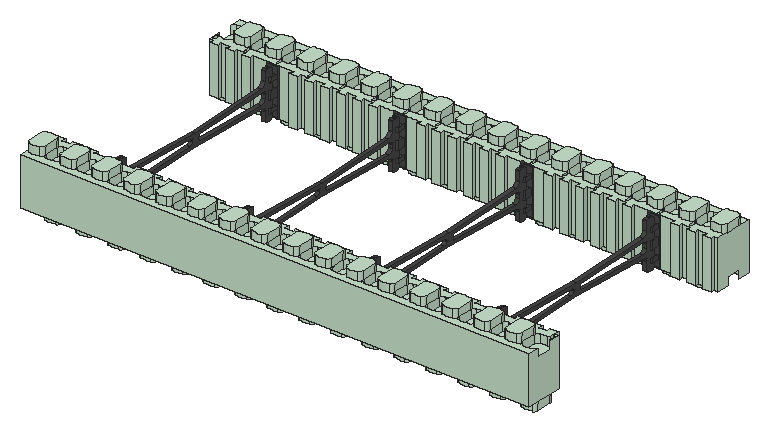
Revit family (continued)
Forms (in)
  Extrusion 51, void
    sketch origin (30, 17.25, 0) x (-1, 0, 0) y (0, -1, 0)
      loop
        arc (0, 0.72692) -> (0.04785, 0.57983) -> (0.17308, 0.48905) r 0.25
        arc (0.17308, 0.48905) -> (0.5, 0.4375) -> (0.82692, 0.48905) r 1.0625
        arc (0.82692, 0.48905) -> (0.95215, 0.57983) -> (1, 0.72692) r 0.25
        line (1, 0.72692) -> (1, 1.64808)
        arc (1, 1.64808) -> (0.95215, 1.79517) -> (0.82692, 1.88595) r 0.25
        arc (0.82692, 1.88595) -> (0.57908, 1.93455) -> (0.32677, 1.92328) r 1.0625
        arc (0.32677, 1.92328) -> (0.27615, 1.93729) -> (0.25408, 1.98495) r 0.0625
        line (0.25408, 1.98495) -> (0.25408, 2.20655)
    from 0 to 0.5
  Extrusion 52, void
    sketch origin (28, 17.25, 0) x (-1, 0, 0) y (0, -1, 0)
      loop
        line (0.25408, 2.20655) -> (0.08325, 2.20655) -> (0.08325, 1.86045)
        arc (0.08325, 1.86045) -> (0.07894, 1.83764) -> (0.0666, 1.81798) r 0.0625
        arc (0.0666, 1.81798) -> (0.01724, 1.73932) -> (0, 1.64808) r 0.25
        line (0, 1.64808) -> (0, 0.72692)
        arc (0, 0.72692) -> (0.04785, 0.57983) -> (0.17308, 0.48905) r 0.25
        arc (0.17308, 0.48905) -> (0.5, 0.4375) -> (0.82692, 0.48905) r 1.0625
        arc (0.82692, 0.48905) -> (0.95215, 0.57983) -> (1, 0.72692) r 0.25
        line (1, 0.72692) -> (1, 1.64808)
        arc (1, 1.64808) -> (0.95215, 1.79517) -> (0.82692, 1.88595) r 0.25
        arc (0.82692, 1.88595) -> (0.57908, 1.93455) -> (0.32677, 1.92328) r 1.0625
        arc (0.32677, 1.92328) -> (0.27615, 1.93729) -> (0.25408, 1.98495) r 0.0625
        line (0.25408, 1.98495) -> (0.25408, 2.20655)
    from 0 to 0.5
  Extrusion 53, void
    sketch origin (26, 17.25, 0) x (-1, 0, 0) y (0, -1, 0)
      loop
        line (0.25408, 2.20655) -> (0.08325, 2.20655) -> (0.08325, 1.86045)
        arc (0.08325, 1.86045) -> (0.07894, 1.83764) -> (0.0666, 1.81798) r 0.0625
        arc (0.0666, 1.81798) -> (0.01724, 1.73932) -> (0, 1.64808) r 0.25
        line (0, 1.64808) -> (0, 0.72692)
        arc (0, 0.72692) -> (0.04785, 0.57983) -> (0.17308, 0.48905) r 0.25
        arc (0.17308, 0.48905) -> (0.5, 0.4375) -> (0.82692, 0.48905) r 1.0625
        arc (0.82692, 0.48905) -> (0.95215, 0.57983) -> (1, 0.72692) r 0.25
        line (1, 0.72692) -> (1, 1.64808)
        arc (1, 1.64808) -> (0.95215, 1.79517) -> (0.82692, 1.88595) r 0.25
        arc (0.82692, 1.88595) -> (0.57908, 1.93455) -> (0.32677, 1.92328) r 1.0625
        arc (0.32677, 1.92328) -> (0.27615, 1.93729) -> (0.25408, 1.98495) r 0.0625
        line (0.25408, 1.98495) -> (0.25408, 2.20655)
    from 0 to 0.5
  Extrusion 54, void
    sketch origin (24, 17.25, 0) x (-1, 0, 0) y (0, -1, 0)
      loop
        line (0.25408, 2.20655) -> (0.08325, 2.20655) -> (0.08325, 1.86045)
        arc (0.08325, 1.86045) -> (0.07894, 1.83764) -> (0.0666, 1.81798) r 0.0625
        arc (0.0666, 1.81798) -> (0.01724, 1.73932) -> (0, 1.64808) r 0.25
        line (0, 1.64808) -> (0, 0.72692)
        arc (0, 0.72692) -> (0.04785, 0.57983) -> (0.17308, 0.48905) r 0.25
        arc (0.17308, 0.48905) -> (0.5, 0.4375) -> (0.82692, 0.48905) r 1.0625
        arc (0.82692, 0.48905) -> (0.95215, 0.57983) -> (1, 0.72692) r 0.25
        line (1, 0.72692) -> (1, 1.64808)
        arc (1, 1.64808) -> (0.95215, 1.79517) -> (0.82692, 1.88595) r 0.25
        arc (0.82692, 1.88595) -> (0.57908, 1.93455) -> (0.32677, 1.92328) r 1.0625
        arc (0.32677, 1.92328) -> (0.27615, 1.93729) -> (0.25408, 1.98495) r 0.0625
        line (0.25408, 1.98495) -> (0.25408, 2.20655)
    from 0 to 0.5
  Extrusion 55, void
    sketch origin (22, 17.25, 0) x (-1, 0, 0) y (0, -1, 0)
      loop
        line (0.25408, 2.20655) -> (0.08325, 2.20655) -> (0.08325, 1.86045)
        arc (0.08325, 1.86045) -> (0.07894, 1.83764) -> (0.0666, 1.81798) r 0.0625
        arc (0.0666, 1.81798) -> (0.01724, 1.73932) -> (0, 1.64808) r 0.25
        line (0, 1.64808) -> (0, 0.72692)
        arc (0, 0.72692) -> (0.04785, 0.57983) -> (0.17308, 0.48905) r 0.25
        arc (0.17308, 0.48905) -> (0.5, 0.4375) -> (0.82692, 0.48905) r 1.0625
        arc (0.82692, 0.48905) -> (0.95215, 0.57983) -> (1, 0.72692) r 0.25
        line (1, 0.72692) -> (1, 1.64808)
        arc (1, 1.64808) -> (0.95215, 1.79517) -> (0.82692, 1.88595) r 0.25
        arc (0.82692, 1.88595) -> (0.57908, 1.93455) -> (0.32677, 1.92328) r 1.0625
        arc (0.32677, 1.92328) -> (0.27615, 1.93729) -> (0.25408, 1.98495) r 0.0625
        line (0.25408, 1.98495) -> (0.25408, 2.20655)
    from 0 to 0.5
  Extrusion 56, void
    sketch origin (20, 17.25, 0) x (-1, 0, 0) y (0, -1, 0)
      loop
        line (0.25408, 2.20655) -> (0.08325, 2.20655) -> (0.08325, 1.86045)
        arc (0.08325, 1.86045) -> (0.07894, 1.83764) -> (0.0666, 1.81798) r 0.0625
        arc (0.0666, 1.81798) -> (0.01724, 1.73932) -> (0, 1.64808) r 0.25
        line (0, 1.64808) -> (0, 0.72692)
        arc (0, 0.72692) -> (0.04785, 0.57983) -> (0.17308, 0.48905) r 0.25
        arc (0.17308, 0.48905) -> (0.5, 0.4375) -> (0.82692, 0.48905) r 1.0625
        arc (0.82692, 0.48905) -> (0.95215, 0.57983) -> (1, 0.72692) r 0.25
        line (1, 0.72692) -> (1, 1.64808)
        arc (1, 1.64808) -> (0.95215, 1.79517) -> (0.82692, 1.88595) r 0.25
        arc (0.82692, 1.88595) -> (0.57908, 1.93455) -> (0.32677, 1.92328) r 1.0625
        arc (0.32677, 1.92328) -> (0.27615, 1.93729) -> (0.25408, 1.98495) r 0.0625
        line (0.25408, 1.98495) -> (0.25408, 2.20655)
    from 0 to 0.5
  Extrusion 57, void
    sketch origin (18, 17.25, 0) x (-1, 0, 0) y (0, -1, 0)
      loop
        line (0.25408, 2.20655) -> (0.08325, 2.20655) -> (0.08325, 1.86045)
        arc (0.08325, 1.86045) -> (0.07894, 1.83764) -> (0.0666, 1.81798) r 0.0625
        arc (0.0666, 1.81798) -> (0.01724, 1.73932) -> (0, 1.64808) r 0.25
        line (0, 1.64808) -> (0, 0.72692)
        arc (0, 0.72692) -> (0.04785, 0.57983) -> (0.17308, 0.48905) r 0.25
        arc (0.17308, 0.48905) -> (0.5, 0.4375) -> (0.82692, 0.48905) r 1.0625
        arc (0.82692, 0.48905) -> (0.95215, 0.57983) -> (1, 0.72692) r 0.25
        line (1, 0.72692) -> (1, 1.64808)
        arc (1, 1.64808) -> (0.95215, 1.79517) -> (0.82692, 1.88595) r 0.25
        arc (0.82692, 1.88595) -> (0.57908, 1.93455) -> (0.32677, 1.92328) r 1.0625
        arc (0.32677, 1.92328) -> (0.27615, 1.93729) -> (0.25408, 1.98495) r 0.0625
        line (0.25408, 1.98495) -> (0.25408, 2.20655)
    from 0 to 0.5
  Extrusion 58, void
    sketch origin (16, 17.25, 0) x (-1, 0, 0) y (0, -1, 0)
      loop
        line (0.25408, 2.20655) -> (0.08325, 2.20655) -> (0.08325, 1.86045)
        arc (0.08325, 1.86045) -> (0.07894, 1.83764) -> (0.0666, 1.81798) r 0.0625
        arc (0.0666, 1.81798) -> (0.01724, 1.73932) -> (0, 1.64808) r 0.25
        line (0, 1.64808) -> (0, 0.72692)
        arc (0, 0.72692) -> (0.04785, 0.57983) -> (0.17308, 0.48905) r 0.25
        arc (0.17308, 0.48905) -> (0.5, 0.4375) -> (0.82692, 0.48905) r 1.0625
        arc (0.82692, 0.48905) -> (0.95215, 0.57983) -> (1, 0.72692) r 0.25
        line (1, 0.72692) -> (1, 1.64808)
        arc (1, 1.64808) -> (0.95215, 1.79517) -> (0.82692, 1.88595) r 0.25
        arc (0.82692, 1.88595) -> (0.57908, 1.93455) -> (0.32677, 1.92328) r 1.0625
        arc (0.32677, 1.92328) -> (0.27615, 1.93729) -> (0.25408, 1.98495) r 0.0625
        line (0.25408, 1.98495) -> (0.25408, 2.20655)
    from 0 to 0.5
  Extrusion 59, void
    sketch origin (14, 17.25, 0) x (-1, 0, 0) y (0, -1, 0)
      loop
        line (0.25408, 2.20655) -> (0.08325, 2.20655) -> (0.08325, 1.86045)
        arc (0.08325, 1.86045) -> (0.07894, 1.83764) -> (0.0666, 1.81798) r 0.0625
        arc (0.0666, 1.81798) -> (0.01724, 1.73932) -> (0, 1.64808) r 0.25
        line (0, 1.64808) -> (0, 0.72692)
        arc (0, 0.72692) -> (0.04785, 0.57983) -> (0.17308, 0.48905) r 0.25
        arc (0.17308, 0.48905) -> (0.5, 0.4375) -> (0.82692, 0.48905) r 1.0625
        arc (0.82692, 0.48905) -> (0.95215, 0.57983) -> (1, 0.72692) r 0.25
        line (1, 0.72692) -> (1, 1.64808)
        arc (1, 1.64808) -> (0.95215, 1.79517) -> (0.82692, 1.88595) r 0.25
        arc (0.82692, 1.88595) -> (0.57908, 1.93455) -> (0.32677, 1.92328) r 1.0625
        arc (0.32677, 1.92328) -> (0.27615, 1.93729) -> (0.25408, 1.98495) r 0.0625
        line (0.25408, 1.98495) -> (0.25408, 2.20655)
    from 0 to 0.5
  Extrusion 60, void
    sketch origin (12, 17.25, 0) x (-1, 0, 0) y (0, -1, 0)
      loop
        line (0.25408, 2.20655) -> (0.08325, 2.20655) -> (0.08325, 1.86045)
        arc (0.08325, 1.86045) -> (0.07894, 1.83764) -> (0.0666, 1.81798) r 0.0625
        arc (0.0666, 1.81798) -> (0.01724, 1.73932) -> (0, 1.64808) r 0.25
        line (0, 1.64808) -> (0, 0.72692)
        arc (0, 0.72692) -> (0.04785, 0.57983) -> (0.17308, 0.48905) r 0.25
        arc (0.17308, 0.48905) -> (0.5, 0.4375) -> (0.82692, 0.48905) r 1.0625
        arc (0.82692, 0.48905) -> (0.95215, 0.57983) -> (1, 0.72692) r 0.25
        line (1, 0.72692) -> (1, 1.64808)
        arc (1, 1.64808) -> (0.95215, 1.79517) -> (0.82692, 1.88595) r 0.25
        arc (0.82692, 1.88595) -> (0.57908, 1.93455) -> (0.32677, 1.92328) r 1.0625
        arc (0.32677, 1.92328) -> (0.27615, 1.93729) -> (0.25408, 1.98495) r 0.0625
        line (0.25408, 1.98495) -> (0.25408, 2.20655)
    from 0 to 0.5
  Extrusion 61, void
    sketch origin (10, 17.25, 0) x (-1, 0, 0) y (0, -1, 0)
      loop
        line (0.25408, 2.20655) -> (0.08325, 2.20655) -> (0.08325, 1.86045)
        arc (0.08325, 1.86045) -> (0.07894, 1.83764) -> (0.0666, 1.81798) r 0.0625
        arc (0.0666, 1.81798) -> (0.01724, 1.73932) -> (0, 1.64808) r 0.25
        line (0, 1.64808) -> (0, 0.72692)
        arc (0, 0.72692) -> (0.04785, 0.57983) -> (0.17308, 0.48905) r 0.25
        arc (0.17308, 0.48905) -> (0.5, 0.4375) -> (0.82692, 0.48905) r 1.0625
        arc (0.82692, 0.48905) -> (0.95215, 0.57983) -> (1, 0.72692) r 0.25
        line (1, 0.72692) -> (1, 1.64808)
        arc (1, 1.64808) -> (0.95215, 1.79517) -> (0.82692, 1.88595) r 0.25
        arc (0.82692, 1.88595) -> (0.57908, 1.93455) -> (0.32677, 1.92328) r 1.0625
        arc (0.32677, 1.92328) -> (0.27615, 1.93729) -> (0.25408, 1.98495) r 0.0625
        line (0.25408, 1.98495) -> (0.25408, 2.20655)
    from 0 to 0.5
  Extrusion 62, void
    sketch origin (8, 17.25, 0) x (-1, 0, 0) y (0, -1, 0)
      loop
        line (0.25408, 2.20655) -> (0.08325, 2.20655) -> (0.08325, 1.86045)
        arc (0.08325, 1.86045) -> (0.07894, 1.83764) -> (0.0666, 1.81798) r 0.0625
        arc (0.0666, 1.81798) -> (0.01724, 1.73932) -> (0, 1.64808) r 0.25
        line (0, 1.64808) -> (0, 0.72692)
        arc (0, 0.72692) -> (0.04785, 0.57983) -> (0.17308, 0.48905) r 0.25
        arc (0.17308, 0.48905) -> (0.5, 0.4375) -> (0.82692, 0.48905) r 1.0625
        arc (0.82692, 0.48905) -> (0.95215, 0.57983) -> (1, 0.72692) r 0.25
        line (1, 0.72692) -> (1, 1.64808)
        arc (1, 1.64808) -> (0.95215, 1.79517) -> (0.82692, 1.88595) r 0.25
        arc (0.82692, 1.88595) -> (0.57908, 1.93455) -> (0.32677, 1.92328) r 1.0625
        arc (0.32677, 1.92328) -> (0.27615, 1.93729) -> (0.25408, 1.98495) r 0.0625
        line (0.25408, 1.98495) -> (0.25408, 2.20655)
    from 0 to 0.5
  Extrusion 63, void
    sketch origin (6, 17.25, 0) x (-1, 0, 0) y (0, -1, 0)
      loop
        line (0.25408, 2.20655) -> (0.08325, 2.20655) -> (0.08325, 1.86045)
        arc (0.08325, 1.86045) -> (0.07894, 1.83764) -> (0.0666, 1.81798) r 0.0625
        arc (0.0666, 1.81798) -> (0.01724, 1.73932) -> (0, 1.64808) r 0.25
        line (0, 1.64808) -> (0, 0.72692)
        arc (0, 0.72692) -> (0.04785, 0.57983) -> (0.17308, 0.48905) r 0.25
        arc (0.17308, 0.48905) -> (0.5, 0.4375) -> (0.82692, 0.48905) r 1.0625
        arc (0.82692, 0.48905) -> (0.95215, 0.57983) -> (1, 0.72692) r 0.25
        line (1, 0.72692) -> (1, 1.64808)
        arc (1, 1.64808) -> (0.95215, 1.79517) -> (0.82692, 1.88595) r 0.25
        arc (0.82692, 1.88595) -> (0.57908, 1.93455) -> (0.32677, 1.92328) r 1.0625
        arc (0.32677, 1.92328) -> (0.27615, 1.93729) -> (0.25408, 1.98495) r 0.0625
        line (0.25408, 1.98495) -> (0.25408, 2.20655)
    from 0 to 0.5
  Extrusion 64, void
    sketch origin (4, 17.25, 0) x (-1, 0, 0) y (0, -1, 0)
      loop
        line (0.25408, 2.20655) -> (0.08325, 2.20655) -> (0.08325, 1.86045)
        arc (0.08325, 1.86045) -> (0.07894, 1.83764) -> (0.0666, 1.81798) r 0.0625
        arc (0.0666, 1.81798) -> (0.01724, 1.73932) -> (0, 1.64808) r 0.25
        line (0, 1.64808) -> (0, 0.72692)
        arc (0, 0.72692) -> (0.04785, 0.57983) -> (0.17308, 0.48905) r 0.25
        arc (0.17308, 0.48905) -> (0.5, 0.4375) -> (0.82692, 0.48905) r 1.0625
        arc (0.82692, 0.48905) -> (0.95215, 0.57983) -> (1, 0.72692) r 0.25
        line (1, 0.72692) -> (1, 1.64808)
        arc (1, 1.64808) -> (0.95215, 1.79517) -> (0.82692, 1.88595) r 0.25
        arc (0.82692, 1.88595) -> (0.57908, 1.93455) -> (0.32677, 1.92328) r 1.0625
        arc (0.32677, 1.92328) -> (0.27615, 1.93729) -> (0.25408, 1.98495) r 0.0625
        line (0.25408, 1.98495) -> (0.25408, 2.20655)
    from 0 to 0.5
  Extrusion 65, void
    sketch origin (2, 17.25, 0) x (-1, 0, 0) y (0, -1, 0)
      loop
        line (0.25408, 2.20655) -> (0.08325, 2.20655) -> (0.08325, 1.86045)
        arc (0.08325, 1.86045) -> (0.07894, 1.83764) -> (0.0666, 1.81798) r 0.0625
        arc (0.0666, 1.81798) -> (0.01724, 1.73932) -> (0, 1.64808) r 0.25
        line (0, 1.64808) -> (0, 0.72692)
        arc (0, 0.72692) -> (0.04785, 0.57983) -> (0.17308, 0.48905) r 0.25
        arc (0.17308, 0.48905) -> (0.5, 0.4375) -> (0.82692, 0.48905) r 1.0625
        arc (0.82692, 0.48905) -> (0.95215, 0.57983) -> (1, 0.72692) r 0.25
        line (1, 0.72692) -> (1, 1.64808)
        arc (1, 1.64808) -> (0.95215, 1.79517) -> (0.82692, 1.88595) r 0.25
        arc (0.82692, 1.88595) -> (0.57908, 1.93455) -> (0.32677, 1.92328) r 1.0625
        arc (0.32677, 1.92328) -> (0.27615, 1.93729) -> (0.25408, 1.98495) r 0.0625
        line (0.25408, 1.98495) -> (0.25408, 2.20655)
    from 0 to 0.5
Cuts and joins
  Extrusion 2, Extrusion 3, Extrusion 4, Extrusion 5, Extrusion 6, Extrusion 7, Extrusion 8, Extrusion 9, Extrusion 10, Extrusion 11, Extrusion 12, Extrusion 13, Extrusion 14, Extrusion 15, Extrusion 16, Extrusion 17, Extrusion 18, Extrusion 19, Extrusion 20, Extrusion 21, Extrusion 22, Extrusion 23, Extrusion 24, Extrusion 25, Extrusion 26, Extrusion 27, Extrusion 28, Extrusion 29, Extrusion 30, Extrusion 31, Extrusion 32, Extrusion 33, Extrusion 34, Extrusion 35, Extrusion 36, Extrusion 37, Extrusion 38, Extrusion 39, Extrusion 40, Extrusion 41, Extrusion 42, Extrusion 43, Extrusion 44, Extrusion 45, Extrusion 46, Extrusion 47, Extrusion 48, Extrusion 49, Extrusion 50, Extrusion 51, Extrusion 52, Extrusion 53, Extrusion 54, Extrusion 55, Extrusion 56, Extrusion 57, Extrusion 58, Extrusion 59, Extrusion 60, Extrusion 61, Extrusion 62, Extrusion 63, Extrusion 64, Extrusion 65 cuts Extrusion 1
Dimensions and locks (in)
  locked: plane 3 "Center (Left/Right)" to plane 5 at 32
  locked: plane 5 to plane 3 "Center (Left/Right)" at 32
  locked: level to plane 6 at 3
  locked: plane 6 to level at 3
  locked: plane 4 to plane 1 "Center (Front/Back)" at 2.625
  plane 1 "Center (Front/Back)" to plane 4 to plane 7 to plane 8 = 0' - 2 5/8" locked, 1' - 0" locked, 0' - 2 5/8" locked
  aligned and locked: cut or joined group 1 (Extrusion 1, Extrusion 2, Extrusion 3, Extrusion 4, Extrusion 5, Extrusion 6, Extrusion 7, Extrusion 8, Extrusion 9, Extrusion 10, Extrusion 11, Extrusion 12, Extrusion 13, Extrusion 14, Extrusion 15, Extrusion 16, Extrusion 17, Extrusion 18, Extrusion 19, Extrusion 20, Extrusion 21, Extrusion 22, Extrusion 23, Extrusion 24, Extrusion 25, Extrusion 26, Extrusion 27, Extrusion 28, Extrusion 29, Extrusion 30, Extrusion 31, Extrusion 32, Extrusion 33, Extrusion 34, Extrusion 35, Extrusion 36, Extrusion 37, Extrusion 38, Extrusion 39, Extrusion 40, Extrusion 41, Extrusion 42, Extrusion 43, Extrusion 44, Extrusion 45, Extrusion 46, Extrusion 47, Extrusion 48, Extrusion 49, Extrusion 50, Extrusion 51, Extrusion 52, Extrusion 53, Extrusion 54, Extrusion 55, Extrusion 56, Extrusion 57, Extrusion 58, Extrusion 59, Extrusion 60, Extrusion 61, Extrusion 62, Extrusion 63, Extrusion 64, Extrusion 65) to nested 15
  aligned and locked: cut or joined group 1 to nested 14
  aligned and locked: cut or joined group 1 to nested 13
  aligned and locked: cut or joined group 1 to nested 12
  aligned and locked: cut or joined group 1 to nested 11
  aligned and locked: cut or joined group 1 to nested 10
  aligned and locked: cut or joined group 1 to nested 9
  aligned and locked: cut or joined group 1 to nested 8
  aligned and locked: cut or joined group 1 to nested 7
  aligned and locked: cut or joined group 1 to nested 6
  aligned and locked: cut or joined group 1 to nested 5
  aligned and locked: cut or joined group 1 to nested 3
  aligned and locked: cut or joined group 1 to nested 2
  aligned and locked: nested 1 to cut or joined group 1
  aligned and locked: cut or joined group 1 to nested 65  (x2)
  aligned and locked: cut or joined group 1 to nested 68
  aligned and locked: cut or joined group 1 to nested 67
  aligned and locked: cut or joined group 1 to nested 66
  aligned: cut or joined group 1 to nested 65
  aligned and locked: cut or joined group 1 to nested 73
Nested families (in)
  nested 1: "Interlock Tooth" at (0, 5.625, -15), type "Interlock Tooth"
  nested 2: "Interlock Tooth" at (2, 5.625, -15), type "Interlock Tooth"
  nested 3: "Interlock Tooth" at (4, 5.625, -15), type "Interlock Tooth"
  nested 4: "Interlock Tooth" at (6, 5.625, -15), type "Interlock Tooth"
  nested 5: "Interlock Tooth" at (8, 5.625, -15), type "Interlock Tooth"
  nested 6: "Interlock Tooth" at (10, 5.625, -15), type "Interlock Tooth"
  nested 7: "Interlock Tooth" at (12, 5.625, -15), type "Interlock Tooth"
  nested 8: "Interlock Tooth" at (14, 5.625, -15), type "Interlock Tooth"
  nested 9: "Interlock Tooth" at (16, 5.625, -15), type "Interlock Tooth"
  nested 10: "Interlock Tooth" at (18, 5.625, -15), type "Interlock Tooth"
  nested 11: "Interlock Tooth" at (20, 5.625, -15), type "Interlock Tooth"
  nested 12: "Interlock Tooth" at (22, 5.625, -15), type "Interlock Tooth"
  nested 13: "Interlock Tooth" at (24, 5.625, -15), type "Interlock Tooth"
  nested 14: "Interlock Tooth" at (26, 5.625, -15), type "Interlock Tooth"
  nested 15: "Interlock Tooth" at (28, 5.625, -15), type "Interlock Tooth"
  nested 16: "Interlock Tooth" at (30, 5.625, -15), type "Interlock Tooth"
  nested 17: "Interlock Tooth" at (3, 5.625, -18.5), type "Interlock Tooth"
  nested 18: "Interlock Tooth" at (5, 5.625, -18.5), type "Interlock Tooth"
  nested 19: "Interlock Tooth" at (7, 5.625, -18.5), type "Interlock Tooth"
  nested 20: "Interlock Tooth" at (9, 5.625, -18.5), type "Interlock Tooth"
  nested 21: "Interlock Tooth" at (1, 5.625, -18.5), type "Interlock Tooth"
  nested 22: "Interlock Tooth" at (11, 5.625, -18.5), type "Interlock Tooth"
  nested 23: "Interlock Tooth" at (13, 5.625, -18.5), type "Interlock Tooth"
  nested 24: "Interlock Tooth" at (15, 5.625, -18.5), type "Interlock Tooth"
  nested 25: "Interlock Tooth" at (17, 5.625, -18.5), type "Interlock Tooth"
  nested 26: "Interlock Tooth" at (19, 5.625, -18.5), type "Interlock Tooth"
  nested 27: "Interlock Tooth" at (21, 5.625, -18.5), type "Interlock Tooth"
  nested 28: "Interlock Tooth" at (23, 5.625, -18.5), type "Interlock Tooth"
  nested 29: "Interlock Tooth" at (25, 5.625, -18.5), type "Interlock Tooth"
  nested 30: "Interlock Tooth" at (27, 5.625, -18.5), type "Interlock Tooth"
  nested 31: "Interlock Tooth" at (29, 5.625, -18.5), type "Interlock Tooth"
  nested 32: "Interlock Tooth" at (31, 5.625, -18.5), type "Interlock Tooth"
  nested 33: "Interlock Tooth" at (32, 11.625, -15) x (-1, 0, 0) z (0, 0, 1), type "Interlock Tooth"
  nested 34: "Interlock Tooth" at (30, 11.625, -15) x (-1, 0, 0) z (0, 0, 1), type "Interlock Tooth"
  nested 35: "Interlock Tooth" at (28, 11.625, -15) x (-1, 0, 0) z (0, 0, 1), type "Interlock Tooth"
  nested 36: "Interlock Tooth" at (26, 11.625, -15) x (-1, 0, 0) z (0, 0, 1), type "Interlock Tooth"
  nested 37: "Interlock Tooth" at (24, 11.625, -15) x (-1, 0, 0) z (0, 0, 1), type "Interlock Tooth"
  nested 38: "Interlock Tooth" at (22, 11.625, -15) x (-1, 0, 0) z (0, 0, 1), type "Interlock Tooth"
  nested 39: "Interlock Tooth" at (20, 11.625, -15) x (-1, 0, 0) z (0, 0, 1), type "Interlock Tooth"
  nested 40: "Interlock Tooth" at (18, 11.625, -15) x (-1, 0, 0) z (0, 0, 1), type "Interlock Tooth"
  nested 41: "Interlock Tooth" at (16, 11.625, -15) x (-1, 0, 0) z (0, 0, 1), type "Interlock Tooth"
  nested 42: "Interlock Tooth" at (14, 11.625, -15) x (-1, 0, 0) z (0, 0, 1), type "Interlock Tooth"
  nested 43: "Interlock Tooth" at (12, 11.625, -15) x (-1, 0, 0) z (0, 0, 1), type "Interlock Tooth"
  nested 44: "Interlock Tooth" at (10, 11.625, -15) x (-1, 0, 0) z (0, 0, 1), type "Interlock Tooth"
  nested 45: "Interlock Tooth" at (8, 11.625, -15) x (-1, 0, 0) z (0, 0, 1), type "Interlock Tooth"
  nested 46: "Interlock Tooth" at (6, 11.625, -15) x (-1, 0, 0) z (0, 0, 1), type "Interlock Tooth"
  nested 47: "Interlock Tooth" at (4, 11.625, -15) x (-1, 0, 0) z (0, 0, 1), type "Interlock Tooth"
  nested 48: "Interlock Tooth" at (2, 11.625, -15) x (-1, 0, 0) z (0, 0, 1), type "Interlock Tooth"
  nested 49: "Interlock Tooth" at (29, 11.625, -18.5) x (-1, 0, 0) z (0, 0, 1), type "Interlock Tooth"
  nested 50: "Interlock Tooth" at (27, 11.625, -18.5) x (-1, 0, 0) z (0, 0, 1), type "Interlock Tooth"
  nested 51: "Interlock Tooth" at (25, 11.625, -18.5) x (-1, 0, 0) z (0, 0, 1), type "Interlock Tooth"
  nested 52: "Interlock Tooth" at (23, 11.625, -18.5) x (-1, 0, 0) z (0, 0, 1), type "Interlock Tooth"
  nested 53: "Interlock Tooth" at (31, 11.625, -18.5) x (-1, 0, 0) z (0, 0, 1), type "Interlock Tooth"
  nested 54: "Interlock Tooth" at (21, 11.625, -18.5) x (-1, 0, 0) z (0, 0, 1), type "Interlock Tooth"
  nested 55: "Interlock Tooth" at (19, 11.625, -18.5) x (-1, 0, 0) z (0, 0, 1), type "Interlock Tooth"
  nested 56: "Interlock Tooth" at (17, 11.625, -18.5) x (-1, 0, 0) z (0, 0, 1), type "Interlock Tooth"
  nested 57: "Interlock Tooth" at (15, 11.625, -18.5) x (-1, 0, 0) z (0, 0, 1), type "Interlock Tooth"
  nested 58: "Interlock Tooth" at (13, 11.625, -18.5) x (-1, 0, 0) z (0, 0, 1), type "Interlock Tooth"
  nested 59: "Interlock Tooth" at (11, 11.625, -18.5) x (-1, 0, 0) z (0, 0, 1), type "Interlock Tooth"
  nested 60: "Interlock Tooth" at (9, 11.625, -18.5) x (-1, 0, 0) z (0, 0, 1), type "Interlock Tooth"
  nested 61: "Interlock Tooth" at (7, 11.625, -18.5) x (-1, 0, 0) z (0, 0, 1), type "Interlock Tooth"
  nested 62: "Interlock Tooth" at (5, 11.625, -18.5) x (-1, 0, 0) z (0, 0, 1), type "Interlock Tooth"
  nested 63: "Interlock Tooth" at (3, 11.625, -18.5) x (-1, 0, 0) z (0, 0, 1), type "Interlock Tooth"
  nested 64: "Interlock Tooth" at (1, 11.625, -18.5) x (-1, 0, 0) z (0, 0, 1), type "Interlock Tooth"
  nested 65: "NUDURA Height Adjuster Diamond Pattern" at (24, 22.875, 0), type "NUDURA Height Adjuster Diamond Pattern"
  nested 66: "NUDURA Height Adjuster Diamond Pattern" at (16, 22.875, 0), type "NUDURA Height Adjuster Diamond Pattern"
  nested 67: "NUDURA Height Adjuster Diamond Pattern" at (8, 22.875, 0), type "NUDURA Height Adjuster Diamond Pattern"
  nested 68: "NUDURA Height Adjuster Diamond Pattern" at (0, 22.875, 0), type "NUDURA Height Adjuster Diamond Pattern"
  nested 69: "NUDURA Height Adjuster Diamond Pattern" at (24, -5.625, 0), type "NUDURA Height Adjuster Diamond Pattern"
  nested 70: "NUDURA Height Adjuster Diamond Pattern" at (16, -5.625, 0), type "NUDURA Height Adjuster Diamond Pattern"
  nested 71: "NUDURA Height Adjuster Diamond Pattern" at (8, -5.625, 0), type "NUDURA Height Adjuster Diamond Pattern"
  nested 72: "NUDURA Height Adjuster Diamond Pattern" at (0, -5.625, 0), type "NUDURA Height Adjuster Diamond Pattern"
  nested 73: "NUDURA 12-inch Height Adjuster Web" at (4, 8.625, 0), type "NUDURA 12-inch Height Adjuster Web"
  nested 74: "NUDURA 12-inch Height Adjuster Web" at (12, 8.625, 0), type "NUDURA 12-inch Height Adjuster Web"
  nested 75: "NUDURA 12-inch Height Adjuster Web" at (20, 8.625, 0), type "NUDURA 12-inch Height Adjuster Web"
  nested 76: "NUDURA 12-inch Height Adjuster Web" at (28, 8.625, 0), type "NUDURA 12-inch Height Adjuster Web"
Definition of nested family "Interlock Tooth"
  Reference planes (in)
    plane 1 "Center (Front/Back)": y = 0
    plane 2: z = 0
    plane 3 "Center (Left/Right)": x = 0
    plane 4: z = 18
    plane 5: z = 18.5
    plane 6: z = -0.5
  Forms (in)
    Extrusion 1, solid, material "NUDURA Expanded Polystyrene Foam Insulation"
      sketch origin (0, -8.875, 0) x (1, 0, 0) y (0, 1, 0)
        loop
          arc (0, 3.97692) -> (0.04785, 3.82983) -> (0.17308, 3.73905) r 0.25
          arc (0.17308, 3.73905) -> (0.5, 3.6875) -> (0.82692, 3.73905) r 1.0625
          arc (0.82692, 3.73905) -> (0.95215, 3.82983) -> (1, 3.97692) r 0.25
          line (1, 3.97692) -> (1, 4.89808)
          arc (1, 4.89808) -> (0.95215, 5.04517) -> (0.82692, 5.13595) r 0.25
          arc (0.82692, 5.13595) -> (0.5, 5.1875) -> (0.17308, 5.13595) r 1.0625
          arc (0.17308, 5.13595) -> (0.04785, 5.04517) -> (0, 4.89808) r 0.25
          line (0, 4.89808) -> (0, 3.97692)
      from 18 to 18.5
  Dimensions and locks (in)
    locked: plane 4 to level at 18
    locked: plane 4 to plane 5 at 0.5
    locked: plane 6 to level at 0.5
Definition of nested family "NUDURA 12-inch Height Adjuster Web"
  Reference planes (in)
    plane 1 "Center (Front/Back)": y = 0
    plane 2: z = 0
    plane 3 "Center (Left/Right)": x = 0
    plane 4: z = 3
    plane 5: z = 0.5
    plane 6: z = 2.5
    plane 7: z = 2.25
    plane 8: z = 0.75
    plane 9: z = 1.25
    plane 10: z = 1.75
  Forms (in)
    Extrusion 1, solid, material "High Density Polystyrene"
      sketch origin (0, 0.2725, 0) x (0, 1, 0) y (0, 0, 1)
        loop
          line (5.9775, 0) -> (5.9775, 3)
          arc (5.9775, 3) -> (5.94863, 2.98025) -> (5.9375, 2.94708) r 0.055
          line (5.9375, 2.94708) -> (5.9375, 0.05292)
          arc (5.9375, 0.05292) -> (5.94863, 0.01975) -> (5.9775, 0) r 0.055
        loop
          arc (-6.5225, 0) -> (-6.49362, 0.01975) -> (-6.48249, 0.05292) r 0.055
          line (-6.48249, 0.05292) -> (-6.48249, 2.94708)
          arc (-6.48249, 2.94708) -> (-6.49362, 2.98025) -> (-6.5225, 3) r 0.055
          line (-6.5225, 3) -> (-6.5225, 0)
      from -0.36328 to 0.36328
    Extrusion 2, solid, material "High Density Polystyrene"
      sketch origin (0, 0.02, 0) x (0, 1, 0) y (0, 0, 1)
        loop
          line (5.48, 0.07893) -> (5.58, 0.07893)
          arc (5.58, 0.07893) -> (5.59433, 0.04433) -> (5.62892, 0.03) r 0.04893
          line (5.62892, 0.03) -> (5.78, 0.03) -> (5.81, 0) -> (5.9, 0) -> (5.98, 0.08) -> (5.98, 2.92) -> (5.9, 3) -> (5.81, 3) -> (5.78, 2.97) -> (5.62892, 2.97)
          arc (5.62892, 2.97) -> (5.59433, 2.95567) -> (5.58, 2.92107) r 0.04893
          line (5.58, 2.92107) -> (5.48, 2.92107) -> (5.48, 2.35913)
          arc (5.48, 2.35913) -> (5.40075, 2.15599) -> (5.20488, 2.06016) r 0.3
          line (5.20488, 2.06016) -> (-0.02, 1.8758) -> (-5.24488, 2.06016)
          arc (-5.24488, 2.06016) -> (-5.44076, 2.15599) -> (-5.52, 2.35913) r 0.3
          line (-5.52, 2.35913) -> (-5.52, 2.92107) -> (-5.62, 2.92107)
          arc (-5.62, 2.92107) -> (-5.63433, 2.95567) -> (-5.66893, 2.97) r 0.04893
          line (-5.66893, 2.97) -> (-5.82, 2.97) -> (-5.85, 3) -> (-5.94, 3) -> (-6.02, 2.92) -> (-6.02, 0.08) -> (-5.94, 0) -> (-5.85, 0) -> (-5.82, 0.03) -> (-5.66893, 0.03)
          arc (-5.66893, 0.03) -> (-5.63433, 0.04433) -> (-5.62, 0.07893) r 0.04893
          line (-5.62, 0.07893) -> (-5.52, 0.07893) -> (-5.52, 0.64087)
          arc (-5.52, 0.64087) -> (-5.44076, 0.84401) -> (-5.24488, 0.93984) r 0.3
          line (-5.24488, 0.93984) -> (-0.02, 1.1242) -> (5.20488, 0.93984)
          arc (5.20488, 0.93984) -> (5.40075, 0.84401) -> (5.48, 0.64087) r 0.3
          line (5.48, 0.64087) -> (5.48, 0.07893)
        loop
          line (-5.26018, 1.13142) -> (-0.40341, 1.28309)
          arc (-0.40341, 1.28309) -> (-0.27283, 1.34697) -> (-0.22, 1.4824) r 0.2
          line (-0.22, 1.4824) -> (-0.22, 1.5176)
          arc (-0.22, 1.5176) -> (-0.27283, 1.65303) -> (-0.40341, 1.71691) r 0.2
          line (-0.40341, 1.71691) -> (-5.26018, 1.86858)
          arc (-5.26018, 1.86858) -> (-5.44327, 1.79899) -> (-5.52, 1.61877) r 0.25
          line (-5.52, 1.61877) -> (-5.52, 1.38123)
          arc (-5.52, 1.38123) -> (-5.44327, 1.20101) -> (-5.26018, 1.13142) r 0.25
        loop
          line (0.18, 1.5176) -> (0.18, 1.4824)
          arc (0.18, 1.4824) -> (0.23283, 1.34697) -> (0.36341, 1.28309) r 0.2
          line (0.36341, 1.28309) -> (5.22017, 1.13142)
          arc (5.22017, 1.13142) -> (5.40327, 1.20101) -> (5.48, 1.38123) r 0.25
          line (5.48, 1.38123) -> (5.48, 1.61877)
          arc (5.48, 1.61877) -> (5.40327, 1.79899) -> (5.22017, 1.86858) r 0.25
          line (5.22017, 1.86858) -> (0.36341, 1.71691)
          arc (0.36341, 1.71691) -> (0.23283, 1.65303) -> (0.18, 1.5176) r 0.2
      from -0.125 to 0.125
    Extrusion 3, void
      sketch origin (0, 3, -0.08679) x (-1, 0, 0) y (0, -1, 0)
        loop
          arc (-0.25, -2.79249) -> (-0.22584, -2.73416) -> (-0.1675, -2.71) r 0.0825
          line (-0.1675, -2.71) -> (-0.25, -2.71) -> (-0.25, -2.79249)
      from 0.58679 to 2.58679
    Extrusion 4, void
      sketch origin (0, -3, 0) x (1, 0, 0) y (0, 1, 0)
        loop
          arc (-0.25, -2.79249) -> (-0.22584, -2.73416) -> (-0.1675, -2.71) r 0.0825
          line (-0.1675, -2.71) -> (-0.25, -2.71) -> (-0.25, -2.79249)
      from 0.5 to 2.5
    Extrusion 5, void
      sketch origin (0, -3, 0) x (-1, 0, 0) y (0, -1, 0)
        loop
          line (-0.25, 2.79249) -> (-0.25, 2.71) -> (-0.1675, 2.71)
          arc (-0.1675, 2.71) -> (-0.22584, 2.73416) -> (-0.25, 2.79249) r 0.0825
      from 0.5 to 2.5
    Extrusion 6, solid, material "High Density Polystyrene"
      sketch origin (0, 0, 0) x (0, 1, 0) y (0, 0, 1)
        loop
          line (6.21, 2.5) -> (5.71, 2.5) -> (5.71, 2.25) -> (6.21, 2.25) -> (6.21, 2.5)
        loop
          line (6.21, 1.75) -> (5.71, 1.75) -> (5.71, 1.25) -> (6.21, 1.25) -> (6.21, 1.75)
        loop
          line (6.21, 0.75) -> (5.71, 0.75) -> (5.71, 0.5) -> (6.21, 0.5) -> (6.21, 0.75)
        loop
          line (-6.21, 2.5) -> (-6.21, 2.25) -> (-5.71, 2.25) -> (-5.71, 2.5) -> (-6.21, 2.5)
        loop
          line (-6.21, 1.75) -> (-6.21, 1.25) -> (-5.71, 1.25) -> (-5.71, 1.75) -> (-6.21, 1.75)
        loop
          line (-6.21, 0.75) -> (-6.21, 0.5) -> (-5.71, 0.5) -> (-5.71, 0.75) -> (-6.21, 0.75)
      from -0.25 to 0.25
    Extrusion 7, void
      sketch origin (0, 3, -0.08679) x (1, 0, 0) y (0, 1, 0)
        loop
          line (-0.25, 2.79249) -> (-0.25, 2.71) -> (-0.1675, 2.71)
          arc (-0.1675, 2.71) -> (-0.22584, 2.73416) -> (-0.25, 2.79249) r 0.0825
      from 0.58679 to 2.58679
  Cuts and joins
    Extrusion 3, Extrusion 4, Extrusion 5, Extrusion 7 cuts Extrusion 6
    Extrusion 7 cuts Extrusion 1
Definition of nested family "NUDURA Height Adjuster Diamond Pattern"
  Reference planes (in)
    plane 1 "Center (Front/Back)": y = 0
    plane 2: z = 0
    plane 3 "Center (Left/Right)": x = 0
    plane 4: z = 3
  Lines and regions (in)
    model lines
      curve 1: line (8, -5.625, 3) -> (8, -5.625, 0)
      curve 2: line (6, -5.625, 3) -> (6, -5.625, 0)
      curve 3: line (2, -5.625, 3) -> (2, -5.625, 0)
      curve 4: line (4.634, -5.625, 2.51517) -> (4.29059, -5.625, 2.85858)
      curve 5: arc (4.634, -5.625, 1.98484) -> (4.74384, -5.625, 2.25) -> (4.634, -5.625, 2.51517) r 0.375
      curve 6: line (4.29059, -5.625, 1.64142) -> (4.634, -5.625, 1.98484)
      curve 7: line (3.35367, -5.625, 1.98484) -> (3.69709, -5.625, 1.64142)
      curve 8: arc (3.35367, -5.625, 2.51517) -> (3.24384, -5.625, 2.25) -> (3.35367, -5.625, 1.98484) r 0.375
      curve 9: line (3.69709, -5.625, 2.85858) -> (3.35367, -5.625, 2.51517)
      curve 10: arc (4.17062, -5.625, 2.80178) -> (3.99384, -5.625, 2.875) -> (3.81706, -5.625, 2.80178) r 0.25
      curve 11: line (3.81706, -5.625, 2.80178) -> (3.44206, -5.625, 2.42678)
      curve 12: arc (3.44206, -5.625, 2.42678) -> (3.36884, -5.625, 2.25) -> (3.44206, -5.625, 2.07322) r 0.25
      curve 13: line (3.44206, -5.625, 2.07322) -> (3.81706, -5.625, 1.69822)
      curve 14: arc (3.81706, -5.625, 1.69822) -> (3.99384, -5.625, 1.625) -> (4.17062, -5.625, 1.69822) r 0.25
      curve 15: line (4.17062, -5.625, 1.69822) -> (4.54562, -5.625, 2.07322)
      curve 16: arc (4.54562, -5.625, 2.07322) -> (4.61884, -5.625, 2.25) -> (4.54562, -5.625, 2.42678) r 0.25
      curve 17: line (4.54562, -5.625, 2.42678) -> (4.17062, -5.625, 2.80178)
      curve 18: arc (3.69709, -5.625, 1.35858) -> (3.75567, -5.625, 1.5) -> (3.69709, -5.625, 1.64142) r 0.2
      curve 19: line (3.69709, -5.625, 1.35858) -> (3.35367, -5.625, 1.01517)
      curve 20: arc (3.35367, -5.625, 1.01517) -> (3.24384, -5.625, 0.75) -> (3.35367, -5.625, 0.48484) r 0.375
      curve 21: line (3.35367, -5.625, 0.48484) -> (3.72867, -5.625, 0.10984)
      curve 22: arc (3.72867, -5.625, 0.10984) -> (3.99384, -5.625, 0) -> (4.259, -5.625, 0.10984) r 0.375
      curve 23: line (4.259, -5.625, 0.10984) -> (4.634, -5.625, 0.48484)
      curve 24: arc (4.634, -5.625, 0.48484) -> (4.74384, -5.625, 0.75) -> (4.634, -5.625, 1.01517) r 0.375
      curve 25: line (4.634, -5.625, 1.01517) -> (4.29059, -5.625, 1.35858)
      curve 26: arc (4.29059, -5.625, 1.64142) -> (4.23201, -5.625, 1.5) -> (4.29059, -5.625, 1.35858) r 0.2
      curve 27: arc (4.17062, -5.625, 1.30178) -> (3.99384, -5.625, 1.375) -> (3.81706, -5.625, 1.30178) r 0.25
      curve 28: line (4.54562, -5.625, 0.92678) -> (4.17062, -5.625, 1.30178)
      curve 29: arc (4.54562, -5.625, 0.57322) -> (4.61884, -5.625, 0.75) -> (4.54562, -5.625, 0.92678) r 0.25
      curve 30: line (4.17062, -5.625, 0.19822) -> (4.54562, -5.625, 0.57322)
      curve 31: arc (3.81706, -5.625, 0.19822) -> (3.99384, -5.625, 0.125) -> (4.17062, -5.625, 0.19822) r 0.25
      curve 32: line (3.44206, -5.625, 0.57322) -> (3.81706, -5.625, 0.19822)
      curve 33: arc (3.44206, -5.625, 0.92678) -> (3.36884, -5.625, 0.75) -> (3.44206, -5.625, 0.57322) r 0.25
      curve 34: line (3.81706, -5.625, 1.30178) -> (3.44206, -5.625, 0.92678)
      curve 35: arc (4.259, -5.625, 2.89017) -> (3.99384, -5.625, 3) -> (3.72867, -5.625, 2.89017) r 0.375
